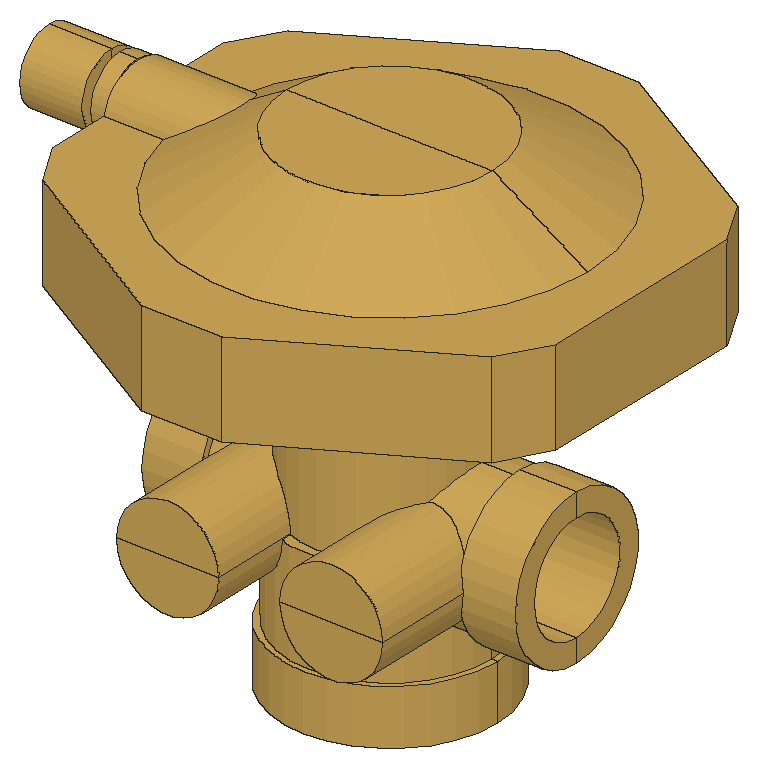
Revit family "Differenzdruckregler 4202 FIX TS 23kPa", category Rohrzubehör, Revit 2019
Family settings
  Bemaßung runder Anschluss = Durchmesser verwenden
  Teiletyp = Unterbricht
  OmniClass-Nummer = 23.65.55.14
  OmniClass-Titel = Valves for Liquid Services
  Arbeitsebenenbasiert = Nein
  Immer vertikal = Ja
  Beim Laden mit Abzugskörper schneiden = Nein
  Gemeinsam genutzt = Nein
Parameters (values of type "Ohne Dämmung")
  y2 [instance] = K14 + K9 + H01  # 49.149 mm
  y1 [instance] = (R03 * 2) + R05  # 66.000 mm
  Min. Betriebstemperatur (Frostschutz) = -20 °C  # constant formula
  Max. zulässige Betriebstemperatur bis DN32 = 130 °C  # constant formula
  Max. zulässige Betriebstemperatur DN40 - DN50 = 110 °C  # constant formula
  Max. Differenzdruck am Gehäuse = 400000.0 Pa  # constant formula
  Max. Betriebsdruck = 2500000.0 Pa  # constant formula
  Ventilschaft = "Edelstahl 14301"  # constant formula
  URL = "www.herz-armaturen.at"
  SCRNSEQ = "ARM;ARM_TYP=\"DIFR\";2"
  SCRNCODE = "05;03;4"  # constant formula
  S06 [instance] = 1.000 mm  # constant formula
  S05 [instance] = S01 - 1.000 mm  # 16.250 mm
  S04 [instance] = S02 - 1.000 mm  # 18.000 mm
  S03 [instance] = size_lookup("4202_FIX_TS_23", "S03", 26.500 mm, Nennweite)  # 25.600 mm
  S02 [instance] = size_lookup("4202_FIX_TS_23", "S02", 19.000 mm, Nennweite)  # 19.000 mm
  S01 [instance] = size_lookup("4202_FIX_TS_23", "S01", 17.250 mm, Nennweite)  # 17.250 mm
  Regleranschlussmutter = "Messing CW614N"  # constant formula
  Regelbereich = "FIX 23kPa"  # constant formula
  R06 [instance] = size_lookup("4202_FIX_TS_23", "R06", 14.500 mm, Nennweite)  # 14.500 mm
  R05 [instance] = size_lookup("4202_FIX_TS_23", "R05", 46.000 mm, Nennweite)  # 46.000 mm
  R04 [instance] = size_lookup("4202_FIX_TS_23", "R04", 12.500 mm, Nennweite)  # 12.500 mm
  R03 [instance] = size_lookup("4202_FIX_TS_23", "R03", 10.000 mm, Nennweite)  # 10.000 mm
  R02 = 14.500 mm  # constant formula
  R01 [instance] = size_lookup("4202_FIX_TS_23", "R01", 12.500 mm, Nennweite)  # 12.500 mm
  Min. Betriebstemperatur (reines Wasser) = 2 °C  # constant formula
  O-Ringe = "EPDM"  # constant formula
  Nennweite [instance] = 15.000 mm
  Membrangehäuse = "Messing CW602N"  # constant formula
  Membrane = "EPDM"  # constant formula
  Medium = "Wasserbeschaffenheit nach ÖNORM H 5195 und VDI 2035\r\nDie Verwendung von Ethylen- und Propylenglykol ist im\r\nMischungsverhältnis 25 - 50 Vol.-% zulässig."
  L2 [instance] = size_lookup("4202_FIX_TS_23", "L2", 161.000 mm, Nennweite)  # 161.000 mm
  L [instance] = size_lookup("4202_FIX_TS_23", "L", 66.000 mm, Nennweite)  # 66.000 mm
  K9 = 4.000 mm  # constant formula
  K8 = 55.000 mm  # constant formula
  K7 = 8.700 mm  # constant formula
  K6 = 11.700 mm  # constant formula
  K5 = 13.000 mm  # constant formula
  K4 = 12.000 mm  # constant formula
  K3 = 15.000 mm  # constant formula
  K2 = 2.350 mm  # constant formula
  K18 = 89.000 mm  # constant formula
  K17 = 66.700 mm  # constant formula
  K16 = 3.000 mm  # constant formula
  K15 = 26.649 mm  # constant formula
  K14 = 16.649 mm  # constant formula
  K13 = 16.649 mm  # constant formula
  K12 = 10.000 mm  # constant formula
  K11 = 35.000 mm  # constant formula
  K10 = 18.250 mm  # constant formula
  K1.1 = 2.350 mm  # constant formula
  K1 = 7.651 mm  # constant formula
  J9 = 15.700 mm  # constant formula
  J8 = 7.850 mm  # constant formula
  J7 = 15.897 mm  # constant formula
  J6 = 3.900 mm  # constant formula
  J5 = 6.500 mm  # constant formula
  J4 = 1.500 mm  # constant formula
  J3 = 3.200 mm  # constant formula
  J2 = 11.000 mm  # constant formula
  J11 = 3.500 mm  # constant formula
  J10 = 18.897 mm  # constant formula
  J1 = 6.500 mm  # constant formula
  Hersteller = "HERZ-Armaturen Ges.m.b.H"  # constant formula
  H2 [instance] = size_lookup("4202_FIX_TS_23", "H2", 28.000 mm, Nennweite)  # 28.000 mm
  H1 [instance] = K1 + K2 + K3 + K4 + K5 + K7 + K8 + K16 + 16.650 mm  # 133.351 mm
  H04 = 4.000 mm  # constant formula
  H03 = 9.800 mm  # constant formula
  H02 [instance] = size_lookup("4202_FIX_TS_23", "H02", 53.000 mm, Nennweite)  # 53.000 mm
  H01 [instance] = size_lookup("4202_FIX_TS_23", "H01", 25.000 mm, Nennweite)  # 28.500 mm
  Gehäuse = "DZR Messing CC770S"  # constant formula
  G03 [instance] = size_lookup("4202_FIX_TS_23", "G03", 13.200 mm, Nennweite)  # 13.200 mm
  G02 [instance] = size_lookup("4202_FIX_TS_23", "G02", 9.500 mm, Nennweite)  # 9.500 mm
  G01 [instance] = size_lookup("4202_FIX_TS_23", "G01", 13.500 mm, Nennweite)  # 13.500 mm
  Hinweise zum Material = "Gemäß Art 33 der REACH-Verordnung (EG Nr. 1907/2006) sind wir verpflichtet, darauf hinzuweisen,\r\ndass der Stoff Blei auf der SVHC-Liste geführt wird und dass alle aus Messing bestehenden Bauteile,\r\ndie in unseren Erzeugnissen verarbeitet sind, mehr als 0,1 % (w/w) Blei (CAS: 7439-92-1 / EINECS:\r\n231-100-4) enthalten. Da Blei als Legierungsbestandteil fest gebunden ist, sind keine Expositionen zu\r\nerwarten und daher sind keine zusätzlichen Angaben zur sicheren Verwendung notwendig.\r\n\r\nIm Hanf enthaltenes Ammoniak schädigt\r\nMessingventilgehäuse, EPDM Dichtungen werden durch\r\nMineralöle bzw. mineralölhaltige Schmierstoffe aufgequollen\r\nund führen somit zum Ausfall der EPDM-Dichtungen. Für\r\nFrost- und Korrosionsschutzmittel auf der Basis von Ethylen- und Propylenglykol sind die entsprechenden\r\nAngaben den Unterlagen des Herstellers zu entnehmen."
  Dämmung = no
  Dämmschale = "EPP (expandiertes Polypropylen)"  # constant formula
  Druckfeder = "Federstahl, rost-und säurebeständig"  # constant formula
  DN50 [instance] = Nennweite = 50.000 mm  # no
  DN40 [instance] = Nennweite = 40.000 mm  # no
  DN32-40 [instance] = or(Nennweite = 32.000 mm, Nennweite = 40.000 mm)  # no
  DN32 [instance] = Nennweite = 32.000 mm  # no
  DN25,32,40 [instance] = or(Nennweite = 25.000 mm, Nennweite = 32.000 mm, Nennweite = 40.000 mm)  # no
  DN25 [instance] = Nennweite = 25.000 mm  # no
  DN20 [instance] = Nennweite = 20.000 mm  # no
  DN15-25 [instance] = or(Nennweite = 15.000 mm, Nennweite = 20.000 mm, Nennweite = 25.000 mm)  # yes
  DN15,20,50 [instance] = or(Nennweite = 15.000 mm, Nennweite = 20.000 mm, Nennweite = 50.000 mm)  # yes
  DN15 [instance] = Nennweite = 15.000 mm  # yes
  D07 [instance] = if(Nennweite = 15.000 mm, 32.500 mm, if(Nennweite = 20.000 mm, 33.500 mm, if(Nennweite = 25.000 mm, 33.500 mm, if(Nennweite = 32.000 mm, 49.500 mm, if(Nennweite = 40.000 mm, 59.500 mm, if(Nennweite = 50.000 mm, 59.500 mm, 0.000 mm))))))  # 32.500 mm
  D06 [instance] = if(Nennweite = 15.000 mm, 32.500 mm, if(Nennweite = 20.000 mm, 33.500 mm, if(Nennweite = 25.000 mm, 33.500 mm, if(Nennweite = 32.000 mm, 49.500 mm, if(Nennweite = 40.000 mm, 59.500 mm, if(Nennweite = 50.000 mm, 59.500 mm, 0.000 mm))))))  # 32.500 mm
  D05 [instance] = if(Nennweite = 15.000 mm, 36.750 mm, if(Nennweite = 20.000 mm, 40.700 mm, if(Nennweite = 25.000 mm, 49.200 mm, if(Nennweite = 32.000 mm, 54.150 mm, if(Nennweite = 40.000 mm, 60.750 mm, if(Nennweite = 50.000 mm, 72.700 mm, 0.000 mm))))))  # 36.750 mm
  D04 [instance] = if(Nennweite = 15.000 mm, 78.500 mm, if(Nennweite = 20.000 mm, 82.000 mm, if(Nennweite = 25.000 mm, 84.000 mm, if(Nennweite = 32.000 mm, 120.000 mm, if(Nennweite = 40.000 mm, 130.000 mm, if(Nennweite = 50.000 mm, 130.500 mm, 0.000 mm))))))  # 78.500 mm
  D03 [instance] = if(Nennweite = 15.000 mm, 96.000 mm, if(Nennweite = 20.000 mm, 110.000 mm, if(Nennweite = 25.000 mm, 112.000 mm, if(Nennweite = 32.000 mm, 152.000 mm, if(Nennweite = 40.000 mm, 170.000 mm, if(Nennweite = 50.000 mm, 179.000 mm, 0.000 mm))))))  # 96.000 mm
  D02 [instance] = size_lookup("4202_FIX_TS_23", "R05", 41.000 mm, Nennweite)  # 46.000 mm
  D01 [instance] = size_lookup("4202_FIX_TS_23", "G01", 13.220 mm, Nennweite)  # 13.500 mm
  Bestellnummer Dämmung [instance] = if(and(Dämmung, Nennweite = 15.000 mm), 1409611, if(and(Dämmung, Nennweite = 20.000 mm), 1409612, if(and(Dämmung, Nennweite = 25.000 mm), 1409613, if(and(Dämmung, Nennweite = 32.000 mm), 1409614, if(and(Dämmung, Nennweite = 40.000 mm), 1409615, if(and(Dämmung, Nennweite = 50.000 mm), 1409616, 0))))))  # 0
  Bestellnummer [instance] = if(Nennweite = 15.000 mm, 1420281, if(Nennweite = 20.000 mm, 1420282, if(Nennweite = 25.000 mm, 1420283, if(Nennweite = 32.000 mm, 1420284, if(Nennweite = 40.000 mm, 1420285, if(Nennweite = 50.000 mm, 1420286, 0))))))  # 1420281
  B2 [instance] = size_lookup("4202_FIX_TS_23", "B2", 31.000 mm, Nennweite)  # 31.000 mm
  B1 [instance] = size_lookup("4202_FIX_TS_23", "B1", 26.000 mm, Nennweite)  # 26.000 mm
  B04 = 100.649 mm  # constant formula
  B03 = 44.500 mm  # constant formula
  B02 = 104.688 mm  # constant formula
  B01 = 10.000 mm  # constant formula
  Anwendungsgebiet = "Der Differenzdruckregler ist ein Regler mit linearer Kennlinie in Geradsitzausführung und arbeitet ohne Hilfsenergie. Der Differenzdruck-Sollwert beträgt 23 kPa, 50 kPa bzw 13 kPa. Im Lieferumfang enthalten ist die Impulsleitung (1000 mm), diese ist mit einem Strangregulierventil im Vorlauf zu verbinden."
  Anschlussnippel = "Messing CW602N"  # constant formula
  Anschlussgewinde für Antrieb = "Messing CW602N"  # constant formula
Types (2, lengths in mm): name | Dämmung | Bestellnummer Dämmung
  Ohne Dämmung | no | 0
  Mit Dämmung | yes | 1409611
Reference planes
  plane 1 "Mitte (Vorne/hinten)": y = 0
  plane 2: z = 0
  plane 3 "Mitte (Links/rechts)": x = 0
Forms (mm)
  Revolve 1, solid, material "Messing, weicher Gelbton, geschweißt", detail levels fine
    sketch origin (0, 0, 0) x (1, 0, 0) y (0, 0, 1)
      loop
        line (-19.8, 0) -> (19.8, 0) -> (19.8, 9.5) -> (33, 9.5) -> (33, 13.5) -> (23, 13.5) -> (23, 12.5) -> (-23, 12.5) -> (-23, 13.5) -> (-33, 13.5) -> (-33, 9.5) -> (-19.8, 9.5) -> (-19.8, 0)
      axis (-33, 0) -> (33, 0)
    angle from 0 to 360
  Revolve 2, solid, material "Messing, weicher Gelbton, geschweißt", detail levels fine
    sketch origin (0, 0, 0) x (1, 0, 0) y (0, 0, 1)
      loop
        line (0, -28) -> (0, 0) -> (-18, 0) -> (-18, -18.2) -> (-19, -18.2) -> (-19, -28) -> (0, -28)
      axis (0, 0) -> (0, -28)
    angle from 0 to 360
  Extrusion 3, solid, material "Messing, weicher Gelbton, geschweißt", detail levels fine
    sketch origin (0, 0, 0) x (0, -1, 0) y (1, 0, 0)
      loop
        line (-46, -7.038) -> (-27.114, -39.75) -> (-18.886, -44.5) -> (18.886, -44.5) -> (27.114, -39.75) -> (46, -7.038) -> (46, 7.038) -> (27.114, 39.75) -> (18.886, 44.5) -> (-18.886, 44.5) -> (-27.114, 39.75) -> (-46, 7.038) -> (-46, -7.038)
    from 32.5 to 49.149
  Revolve 4, solid, material "Messing, weicher Gelbton, geschweißt", detail levels fine
    sketch origin (0, 0, -7.051) x (1, 0, 0) y (0, 0, 1)
      loop
        line (0, 56.2) -> (0, 66.2) -> (-18.25, 66.2) -> (-35, 56.2) -> (0, 56.2)
      axis (0, 66.2) -> (0, 56.2)
    angle from 0 to 360
  Revolve 5, solid, material "Messing, weicher Gelbton, geschweißt", visible <- "DN15-25", detail levels fine
    sketch origin (-11, 0, 0) x (1, 0, 0) y (0, 1, 0)
      loop
        line (-1.5, 26) -> (-9.2, 26) -> (-9.2, 0) -> (-1.5, 0) -> (-1.5, 26)
      axis (-1.5, 0) -> (-1.5, 26)
    angle from 0 to 360
  Revolve 6, solid, material "Messing, weicher Gelbton, geschweißt", detail levels fine
    sketch origin (-0.988, 0, -6.853) x (-1, 0, 0) y (0, 0, 1)
      loop
        line (43.5, 55.25) -> (59.2, 55.25) -> (59.2, 61.75) -> (48.2, 61.75) -> (48.2, 59.15) -> (46.7, 59.15) -> (46.7, 61.75) -> (43.5, 61.75) -> (43.5, 55.25)
      axis (43.5, 55.25) -> (59.2, 55.25)
    angle from 0 to 360
  Extrusion 7, solid, material "Messing, weicher Gelbton, geschweißt", detail levels fine
    sketch origin (0, 0, 0) x (0, 1, 0) y (0, 0, -1)
      loop
        line (7.85, -47.047) -> (7.85, -36) -> (-7.85, -36) -> (-7.85, -47.047)
        arc (-7.85, -47.047) -> (0, -54.897) -> (7.85, -47.047) r 7.85
    from 0 to 44.5
  Revolve 8, solid, material "Messing, weicher Gelbton, geschweißt", visible <- "DN15-25", detail levels fine
    sketch origin (-2, 0, 0) x (1, 0, 0) y (0, 1, 0)
      loop
        line (-12.5, 0) -> (-21.5, 0) -> (-21.5, -31) -> (-12.5, -31) -> (-12.5, 0)
      axis (-12.5, 0) -> (-12.5, -31)
    angle from 0 to 360
  Revolve 9, solid, material "Messing, weicher Gelbton, geschweißt", visible <- "DN15-25", detail levels fine
    sketch origin (2, 0, 0) x (1, 0, 0) y (0, 1, 0)
      loop
        line (12.5, 0) -> (12.5, -31) -> (21.6, -31) -> (21.6, 0) -> (12.5, 0)
      axis (12.5, 0) -> (12.5, -31)
    angle from 0 to 360
  Extrusion 10, solid, material "Messing, weicher Gelbton, geschweißt", visible <- "DN32", detail levels fine
    sketch origin (-31.5, 0, 0) x (1, 0, 0) y (0, 1, 0)
      loop
        circle (63, 0) r 6.578
      loop
        circle (63, 0) r 3.28
    from -47 to 0
  Extrusion 11, solid, material "Messing, weicher Gelbton, geschweißt", visible <- "DN32", detail levels fine
    sketch origin (31.5, 0, 0) x (-1, 0, 0) y (0, -1, 0)
      loop
        circle (63, 0) r 6.578
      loop
        circle (63, 0) r 3.28
    from -47 to 0
  Revolve 12, solid, material "Messing, weicher Gelbton, geschweißt", detail levels fine
    sketch origin (0, 0, 0) x (1, 0, 0) y (0, 0, 1)
      loop
        line (-16.25, 0) -> (0, 0) -> (0, 32.5) -> (-12.25, 32.5) -> (-12.25, 28.5) -> (-17.25, 28.5) -> (-17.25, 18.7) -> (-16.25, 18.7) -> (-16.25, 0)
      axis (0, 32.5) -> (0, 0)
    angle from 0 to 360
  Extrusion 13, solid, material "Messing, weicher Gelbton, geschweißt", visible <- "DN40", detail levels fine
    sketch origin (29.382, 0, 0) x (-1, 0, 0) y (0, -1, 0)
      loop
        circle (63, 0) r 6.578
      loop
        circle (63, 0) r 3.28
    from -58 to 0
  Extrusion 14, solid, material "Messing, weicher Gelbton, geschweißt", visible <- "DN40", detail levels fine
    sketch origin (-29.455, 0, 0) x (1, 0, 0) y (0, 1, 0)
      loop
        circle (63, 0) r 6.578
      loop
        circle (63, 0) r 3.28
    from -58 to 0
  Extrusion 15, solid, material "Messing, weicher Gelbton, geschweißt", visible <- "DN50", detail levels fine
    sketch origin (28.422, 0, 0) x (-1, 0, 0) y (0, -1, 0)
      loop
        circle (63, 0) r 6.578
      loop
        circle (63, 0) r 3.28
    from -58 to 0
  Extrusion 16, solid, material "Messing, weicher Gelbton, geschweißt", visible <- "DN50", detail levels fine
    sketch origin (-28.422, 0, 0) x (1, 0, 0) y (0, 1, 0)
      loop
        circle (63, 0) r 6.578
      loop
        circle (63, 0) r 3.28
    from -58 to 0
  Revolve 17, solid, material "Messing, weicher Gelbton, geschweißt", visible <- "DN32-40", detail levels fine
    sketch origin (-11, 0, 0) x (1, 0, 0) y (0, 1, 0)
      loop
        line (-1.5, -26) -> (-1.5, 0) -> (-9.2, 0) -> (-9.2, -26) -> (-1.5, -26)
      axis (-1.5, 0) -> (-1.5, -26)
    angle from 0 to 360
  Revolve 18, solid, material "Kunststoff-Anthrazit/Schwarz", visible <- "Dämmung"
    sketch origin (0, 0, 0) x (1, 0, 0) y (0, 0, 1)
      loop
        line (48, 32.5) -> (-48, 32.5) -> (-48, 13.5) -> (-23, 13.5) -> (-23, 0) -> (0, 0) -> (23, 0) -> (23, 13.5) -> (48, 13.5) -> (48, 32.5)
      axis (-48, 0) -> (48, 0)
    angle from 0 to 360
  Revolve 19, solid, material "Kunststoff-Anthrazit/Schwarz", visible <- "Dämmung"
    sketch origin (0, 0, 0) x (1, 0, 0) y (0, 0, 1)
      loop
        line (0, -46) -> (36.75, -46) -> (36.75, 32.5) -> (0, 32.5) -> (0, -46)
      axis (0, 32.5) -> (0, -46)
    angle from 0 to 360
Lines and regions (mm)
  model lines, detail levels coarse+medium
    curve 1: line (33, -13.5, 0) -> (33, 13.5, 0)
    curve 2: line (33, 13.5, 0) -> (-33, -13.5, 0)
    curve 3: line (-33, -13.5, 0) -> (-33, 13.5, 0)
    curve 4: line (-33, 13.5, 0) -> (33, -13.5, 0)
    curve 5: line (0, -18.5, 0) -> (0, -32.5, 0)
    curve 6: spline (-44.5, -40.824, 0) -> (-42.984, -38.67, 0) -> (-38.538, -36.662, 0) -> (-31.466, -34.938, 0) -> (-22.25, -33.615, 0) -> (-11.517, -32.784, 0) -> (0, -32.5, 0) -> (11.517, -32.784, 0) -> (22.25, -33.615, 0) -> (31.466, -34.938, 0) -> (38.538, -36.662, 0) -> (42.984, -38.67, 0) -> (44.5, -40.825, 0) -> (42.984, -42.979, 0) -> (38.538, -44.987, 0) -> (31.466, -46.711, 0) -> (22.25, -48.034, 0) -> (11.517, -48.865, 0) -> (0, -49.149, 0) -> (-11.517, -48.865, 0) -> (-22.25, -48.034, 0) -> (-31.466, -46.711, 0) -> (-38.538, -44.987, 0) -> (-42.984, -42.979, 0) -> (-44.5, -40.824, 0)
    curve 7: line (0, 0, 13.5) -> (0, 0, 32.5)
    curve 8: spline (-44.5, 0, 40.825) -> (-42.984, 0, 42.979) -> (-38.538, 0, 44.987) -> (-31.466, 0, 46.711) -> (-22.25, 0, 48.034) -> (-11.517, 0, 48.865) -> (0, 0, 49.149) -> (11.517, 0, 48.865) -> (22.25, 0, 48.034) -> (31.466, 0, 46.711) -> (38.538, 0, 44.987) -> (42.984, 0, 42.979) -> (44.5, 0, 40.824) -> (42.984, 0, 38.67) -> (38.538, 0, 36.662) -> (31.466, 0, 34.938) -> (22.25, 0, 33.615) -> (11.517, 0, 32.784) -> (0, 0, 32.5) -> (-11.517, 0, 32.784) -> (-22.25, 0, 33.615) -> (-31.466, 0, 34.938) -> (-38.538, 0, 36.662) -> (-42.984, 0, 38.67) -> (-44.5, 0, 40.825)
    curve 9: line (0, 0, 13.5) -> (16.5, 0, 6.75)
    curve 10: line (0, 0, 13.5) -> (-16.5, 0, 6.75)
    curve 11: line (0, -18.5, 0) -> (-6.483, -2.652, 0)
    curve 12: line (0, -18.5, 0) -> (6.483, -2.652, 0)
    curve 13: line (-33, 0, 13.5) -> (33, 0, -13.5)
    curve 14: line (33, 0, -13.5) -> (33, 0, 13.5)
    curve 15: line (33, 0, 13.5) -> (-33, 0, -13.5)
    curve 16: line (-33, 0, -13.5) -> (-33, 0, 13.5)
Dimensions and locks
  "G01": Revolve 1 sketch curve to Revolve 1 sketch curve  (x2)
  "R01": Revolve 1 sketch curve to Revolve 1 sketch curve
  "R03": Revolve 1 sketch curve to Revolve 1 sketch curve  (x2)
  "K10": Revolve 4 sketch curve to Revolve 4 sketch curve
  "K11": Revolve 4 sketch curve to Revolve 4 sketch curve
  "B1": Revolve 5 sketch curve to Revolve 5 sketch curve
  "J1": Revolve 6 sketch curve to Revolve 6 sketch curve
  "J3": Revolve 6 sketch curve to Revolve 6 sketch curve
  "J4": Revolve 6 sketch curve to Revolve 6 sketch curve
  "J2": Revolve 6 sketch curve to Revolve 6 sketch curve
  "J5": Revolve 6 sketch curve to Revolve 6 sketch curve
  "J6": Revolve 6 sketch curve to Revolve 6 sketch curve
  "H2": plane 2 to Revolve 2 sketch curve
  "H03": Revolve 2 sketch curve to Revolve 2 sketch curve
  "S02": plane 3 "Mitte (Links/rechts)" to Revolve 2 sketch curve
  "B02": Revolve 6 to Extrusion 3
  "B03": Extrusion 3 to plane 3 "Mitte (Links/rechts)"
  "R04": Revolve 5 sketch curve to plane 3 "Mitte (Links/rechts)"
  "K12": Revolve 4 sketch curve to Revolve 4 sketch curve
  "K13": Revolve 4 sketch curve to Extrusion 3
  "K14": Extrusion 3 to Extrusion 3
  "R05": Revolve 1 sketch curve to Revolve 1 sketch curve
  equal spacing: Revolve 1 sketch curve, plane 3 "Mitte (Links/rechts)", Revolve 1 sketch curve
  "B2": plane 1 "Mitte (Vorne/hinten)" to Revolve 8 sketch curve
  "B2": Revolve 9 sketch curve to plane 1 "Mitte (Vorne/hinten)"
  "R06": Revolve 8 sketch curve to plane 3 "Mitte (Links/rechts)"
  "R06": plane 3 "Mitte (Links/rechts)" to Revolve 9 sketch curve
  "S01": Revolve 12 sketch curve to plane 3 "Mitte (Links/rechts)"
  "S05": plane 3 "Mitte (Links/rechts)" to Revolve 12 sketch curve
  "H04": Revolve 12 sketch curve to Revolve 12 sketch curve
  "H03": Revolve 12 sketch curve to Revolve 12 sketch curve
  "H01": Revolve 12 sketch curve to plane 2
  "K9": Extrusion 3 to Revolve 12
  "S06": Revolve 2 sketch curve to Revolve 2 sketch curve
  "J7": Revolve 6 sketch curve to Extrusion 3
  "J9": Extrusion 7 sketch curve to Extrusion 7 sketch curve
  "J10": Revolve 6 to Extrusion 7 sketch curve
  "J11": Extrusion 7 sketch curve to Extrusion 3
  "K18": Extrusion 3 to Extrusion 3
  "K18": curve 8 to curve 8
  "G01": curve 10 to plane 2
  "K14": curve 8 to curve 8
  "y2": curve 8 to plane 2
  "G01": plane 1 "Mitte (Vorne/hinten)" to curve 4
  "G01": curve 3 to plane 1 "Mitte (Vorne/hinten)"
  equal spacing: curve 3, curve 8, curve 1
  equal spacing: curve 3, curve 12, curve 1
  "y1": curve 3 to curve 1
  "G01": plane 1 "Mitte (Vorne/hinten)" to curve 2
  "G01": curve 4 to plane 1 "Mitte (Vorne/hinten)"
  "K18": curve 6 to curve 6
  "K14": curve 6 to curve 6
  "y2": curve 6 to plane 1 "Mitte (Vorne/hinten)"
  "B1": Revolve 17 sketch curve to Revolve 17 sketch curve
  "R04": Revolve 17 sketch curve to plane 3 "Mitte (Links/rechts)"
  "G02": Revolve 1 sketch curve to plane 2  (x2)
  "G03": Revolve 1 sketch curve to Revolve 1 sketch curve  (x2)
  Revolve 1 sketch curve to Revolve 1 sketch curve = 66.000 mm
  equal spacing: curve 10, plane 3 "Mitte (Links/rechts)", curve 9
  "L": curve 14 to curve 16
  equal spacing: curve 14, curve 6, curve 16
  equal spacing: curve 14, curve 9, curve 10, curve 10, curve 16
  "G01": curve 16 to plane 2
  "G01": plane 2 to curve 16
  "G01": curve 15 to plane 2
  "G01": plane 2 to curve 14
  "D07": Revolve 18 sketch curve to plane 2
  "D01": Revolve 18 sketch curve to plane 2  (x2)
  "D03": Revolve 18 sketch curve to Revolve 18 sketch curve
  "D02": Revolve 18 sketch curve to Revolve 18 sketch curve
  equal spacing: Revolve 18 sketch curve, plane 3 "Mitte (Links/rechts)", Revolve 18 sketch curve  (x2)
  "D06": Revolve 19 sketch curve to plane 2
  "D05": Revolve 19 sketch curve to Revolve 19 sketch curve
  "D04": Revolve 19 sketch curve to Revolve 19 sketch curve
  "J8": radius of Extrusion 7 sketch curve
  aligned and locked: level to plane 2
Automatic sketch dimensions
  plane 3 "Mitte (Links/rechts)" to Extrusion 3 sketch curve = 7.038 mm  (x2)
  Extrusion 3 sketch curve to plane 1 "Mitte (Vorne/hinten)" = 46.000 mm
  Extrusion 3 sketch curve to plane 1 "Mitte (Vorne/hinten)" = 27.114 mm  (x2)
  Extrusion 3 sketch curve to Extrusion 3 sketch curve = 8.227 mm  (x4)
  plane 1 "Mitte (Vorne/hinten)" to Extrusion 3 sketch curve = 18.886 mm  (x2)
  Extrusion 3 sketch curve to Extrusion 3 sketch curve = 18.886 mm
  Extrusion 3 sketch curve to plane 3 "Mitte (Links/rechts)" = 7.038 mm  (x2)
  Extrusion 3 sketch curve to Extrusion 3 sketch curve = 32.712 mm  (x4)
  Extrusion 3 sketch curve to Extrusion 3 sketch curve = 4.750 mm  (x2)
  Extrusion 10 sketch curve to Extrusion 10 sketch curve = 0.000 mm  (x2)
  plane 1 "Mitte (Vorne/hinten)" to Extrusion 10 sketch curve = 0.000 mm
  plane 3 "Mitte (Links/rechts)" to Extrusion 10 sketch curve = 31.500 mm
  Extrusion 11 sketch curve to Extrusion 11 sketch curve = 0.000 mm  (x2)
  plane 1 "Mitte (Vorne/hinten)" to Extrusion 11 sketch curve = 0.000 mm
  plane 3 "Mitte (Links/rechts)" to Extrusion 11 sketch curve = 31.500 mm
  Extrusion 13 sketch curve to Extrusion 13 sketch curve = 0.000 mm  (x2)
  plane 1 "Mitte (Vorne/hinten)" to Extrusion 13 sketch curve = 0.000 mm
  plane 3 "Mitte (Links/rechts)" to Extrusion 13 sketch curve = 33.618 mm
  Extrusion 14 sketch curve to Extrusion 14 sketch curve = 0.000 mm  (x2)
  plane 1 "Mitte (Vorne/hinten)" to Extrusion 14 sketch curve = 0.000 mm
  plane 3 "Mitte (Links/rechts)" to Extrusion 14 sketch curve = 33.545 mm
  Extrusion 15 sketch curve to Extrusion 15 sketch curve = 0.000 mm  (x2)
  plane 1 "Mitte (Vorne/hinten)" to Extrusion 15 sketch curve = 0.000 mm
  plane 3 "Mitte (Links/rechts)" to Extrusion 15 sketch curve = 34.578 mm
  Extrusion 16 sketch curve to Extrusion 16 sketch curve = 0.000 mm  (x2)
  plane 1 "Mitte (Vorne/hinten)" to Extrusion 16 sketch curve = 0.000 mm
  plane 3 "Mitte (Links/rechts)" to Extrusion 16 sketch curve = 34.578 mm
  curve 8 to plane 3 "Mitte (Links/rechts)" = 0.000 mm
  curve 11 to plane 3 "Mitte (Links/rechts)" = 0.000 mm
  curve 6 to plane 3 "Mitte (Links/rechts)" = 0.000 mm
  curve 5 to curve 12 = 14.000 mm
  Revolve 1 sketch curve to level = 0.000 mm  (x2)
  Revolve 1 sketch curve to Revolve 1 sketch curve = 1473.530 mm
  Revolve 1 sketch curve to Revolve 1 sketch curve = 1806.148 mm
  Revolve 2 sketch curve to level = 0.000 mm
  Revolve 2 sketch curve to plane 3 "Mitte (Links/rechts)" = 0.000 mm  (x2)
  Revolve 2 sketch curve to Revolve 2 sketch curve = 1.000 mm
  Revolve 2 sketch curve to Revolve 2 sketch curve = 334.045 mm
  level to Revolve 2 sketch curve = 2218.015 mm
  Revolve 4 sketch curve to plane 3 "Mitte (Links/rechts)" = 0.000 mm  (x2)
  Revolve 4 sketch curve to level = 373.096 mm
  Revolve 4 sketch curve to Revolve 4 sketch curve = 2155.315 mm
  plane 1 "Mitte (Vorne/hinten)" to Revolve 5 sketch curve = 0.000 mm  (x2)
  Revolve 5 sketch curve to Revolve 5 sketch curve = 0.000 mm  (x2)
  Revolve 5 sketch curve to Revolve 5 sketch curve = 7.700 mm
  plane 3 "Mitte (Links/rechts)" to Revolve 6 sketch curve = 44.488 mm
  Revolve 6 sketch curve to Revolve 6 sketch curve = 0.000 mm  (x3)
  Extrusion 7 sketch curve to plane 1 "Mitte (Vorne/hinten)" = 0.000 mm
  Extrusion 7 sketch curve to Extrusion 7 sketch curve = 11.047 mm
  Extrusion 7 sketch curve to Extrusion 7 sketch curve = 0.000 mm
  plane 1 "Mitte (Vorne/hinten)" to Revolve 8 sketch curve = 0.000 mm  (x2)
  Revolve 8 sketch curve to Revolve 8 sketch curve = 9.000 mm
  Revolve 8 sketch curve to Revolve 8 sketch curve = 0.000 mm  (x2)
  plane 1 "Mitte (Vorne/hinten)" to Revolve 9 sketch curve = 0.000 mm  (x2)
  Revolve 9 sketch curve to Revolve 9 sketch curve = 9.100 mm
  Revolve 9 sketch curve to Revolve 9 sketch curve = 0.000 mm  (x2)
  Revolve 12 sketch curve to level = 0.000 mm  (x2)
  Revolve 12 sketch curve to plane 3 "Mitte (Links/rechts)" = 0.000 mm  (x2)
  Revolve 12 sketch curve to Revolve 12 sketch curve = 5.000 mm
  Revolve 12 sketch curve to Revolve 12 sketch curve = 0.000 mm
  plane 1 "Mitte (Vorne/hinten)" to Revolve 17 sketch curve = 0.000 mm  (x2)
  Revolve 17 sketch curve to Revolve 17 sketch curve = 7.700 mm
  Revolve 17 sketch curve to Revolve 17 sketch curve = 0.000 mm  (x2)
  Revolve 18 sketch curve to level = 0.000 mm  (x2)
  Revolve 18 sketch curve to plane 3 "Mitte (Links/rechts)" = 0.000 mm
  Revolve 18 sketch curve to Revolve 18 sketch curve = 0.000 mm  (x2)
  Revolve 19 sketch curve to plane 3 "Mitte (Links/rechts)" = 0.000 mm  (x2)
  Revolve 19 sketch curve to Revolve 19 sketch curve = 0.000 mm  (x2)
  radius of Extrusion 10 sketch curve = 6.578 mm
  radius of Extrusion 10 sketch curve = 3.280 mm
  radius of Extrusion 11 sketch curve = 6.578 mm
  radius of Extrusion 11 sketch curve = 3.280 mm
  radius of Extrusion 13 sketch curve = 6.578 mm
  radius of Extrusion 13 sketch curve = 3.280 mm
  radius of Extrusion 14 sketch curve = 6.578 mm
  radius of Extrusion 14 sketch curve = 3.280 mm
  radius of Extrusion 15 sketch curve = 6.578 mm
  radius of Extrusion 15 sketch curve = 3.280 mm
  radius of Extrusion 16 sketch curve = 6.578 mm
  radius of Extrusion 16 sketch curve = 3.280 mm
Nested families
  nested 1: "Herz-Logo-vorne" at (-0.018, 17.815, -12.904) x (0, -1, 0) z (0, 0, 1), type "Herz-Logo-vorne", detail levels fine
  nested 2: "Herz-Logo-vorne" at (-0.018, 24.058, 0) x (0, -1, 0) z (0, 0, 1), visible <- "DN32", type "Herz-Logo-vorne", detail levels fine
  nested 3: "Herz-Logo-vorne" at (-0.018, 33.471, 0) x (0, -1, 0) z (0, 0, 1), visible <- "DN50", type "Herz-Logo-vorne", detail levels fine
  nested 4: "Herz-Logo-vorne" at (-0.018, 26.482, 0) x (0, -1, 0) z (0, 0, 1), visible <- "DN40", type "Herz-Logo-vorne", detail levels fine
Connectors
  piping at (33, 0, 0), diameter 15, driven by "Nennweite"
    settings: on Revolve 1, index 1, connector inside diameter 609.6 mm, connector length 0.000 mm, flow factor 0, pipe flow 0.0 L/s, pressure drop 0.0 Pa, fitting loss kfactor 0, connector angle 0.00°, fixture units 0, engagement length 0.000 mm, angle of deflection 0.00°, flow configuration 0, flow direction 2, fitting loss method 0, system type 29, joint type 0, gender type 0, connector reference index -1, connector utility 0, adjustable connector no, is connector primary yes, connector description ""
  piping at (-33, 0, 0), diameter 15, driven by "Nennweite"
    settings: on Revolve 1, index 2, connector inside diameter 609.6 mm, connector length 0.000 mm, flow factor 0, pipe flow 0.0 L/s, pressure drop 0.0 Pa, fitting loss kfactor 0, connector angle 0.00°, fixture units 0, engagement length 0.000 mm, angle of deflection 0.00°, flow configuration 0, flow direction 1, fitting loss method 0, system type 7, joint type 0, gender type 0, connector reference index -1, connector utility 0, adjustable connector no, is connector primary no, connector description ""
Definition of nested family "Herz-Logo-vorne"
  Reference planes
    plane 1 "Mitte (Vorne/hinten)": y = 0
    plane 2: z = 0
    plane 3 "Mitte (Links/rechts)": x = 0
  Forms (mm)
    Extrusion 1, solid
      sketch origin (0.732, -0.018, 0.017) x (0, -1, 0) y (0, 0, 1)
        loop
          line (-0.018, -4.517) -> (4.482, -4.517) -> (4.482, 4.483) -> (-4.518, 4.483) -> (-4.518, -4.517) -> (-0.018, -4.517)
        loop
          line (-0.05, -3.48) -> (3.482, -3.48) -> (3.482, 3.483) -> (-3.518, 3.483) -> (-3.518, -3.48) -> (-0.05, -3.48)
        loop
          arc (-0.018, 2.383) -> (-1.543, 3.287) -> (-3.067, 2.383) r 1.738
          arc (-3.067, 2.383) -> (-3.191, 1.899) -> (-3.067, 1.415) r 1.009
          line (-3.067, 1.415) -> (-0.018, -3.281) -> (3.032, 1.415)
          arc (3.032, 1.415) -> (3.156, 1.899) -> (3.032, 2.383) r 1.009
          arc (3.032, 2.383) -> (1.507, 3.287) -> (-0.018, 2.383) r 1.738
        loop
          arc (1.885, 1.272) -> (2.005, 1.675) -> (1.885, 2.079) r 0.74
          arc (1.885, 2.079) -> (1.265, 2.416) -> (0.644, 2.079) r 0.74
          line (0.644, 2.079) -> (-0.018, 0.97) -> (-0.679, 2.079)
          arc (-0.679, 2.079) -> (-1.3, 2.416) -> (-1.921, 2.079) r 0.74
          arc (-1.921, 2.079) -> (-2.04, 1.675) -> (-1.921, 1.272) r 0.74
          line (-1.921, 1.272) -> (-0.018, -1.658) -> (1.885, 1.272)
      from 0 to 1.5
  Dimensions and locks
    aligned and locked: level to plane 2
